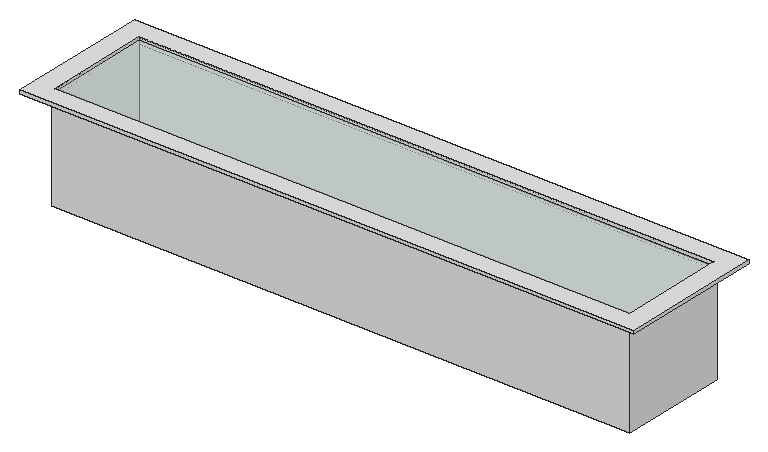
Revit family "CWW", category Lighting Fixtures, host Face, Revit 2021
Family settings
  Host = Face
  Round Connector Dimension = Use Diameter
  Part Type = Normal
  OmniClass Number = 23.80.70.11
  OmniClass Title = Luminaries for Internal Lighting
  Cut with Voids When Loaded = No
  Light Source = Yes
  Shared = No
  Room Calculation Point = No
Parameters (values of type "CWW2-30LWG-1WR-EDU")
  Watts = 27 W
  Wattage = 27 W
  Warranty = "Five year warranty"  # constant formula
  built-in parameter 1150110 = 1 (stored number, unit not read)
  Voltage = 120 V
  built-in parameter 1114217 = 1 (stored number, unit not read)
  Tilt Angle = -90.00°  # constant formula
  built-in parameter 1150109 = 1 (stored number, unit not read)
  built-in parameter 1150134 = (empty or 0)
  built-in parameter 1150113 = 1 (stored number, unit not read)
  Product Page URL = ""
  Product Documentation Link = ""
  Power Factor = 1
  Photometric Web Notes = "More IES files Download Photometric Web Link"  # constant formula
  Photometric Web File = "2x4 2Lamp.ies"
  Emit from Rectangle Width = 0' - 3 1/2"  # constant formula
  Emit from Rectangle Length = Length - 0' 2"  # 1' - 10"
  Emit Shape Visible in Rendering = no
  Lumen Output = "Low Watt"
  Distribution = "Asymmetric Wallwash with Roomside"
  Ceiling Type = "Grid"
  built-in parameter 1150105 = 195.59 (stored number, unit not read)
  Lumens = 2457.81 lm
  built-in parameter 1150115 = 1 (stored number, unit not read)
  Load Classification = Lighting
  built-in parameter 1150137 = (empty or 0)
  built-in parameter 1150139 = (empty or 0)
  Length = 2' - 0"
  Wattage Comments = "20W-23.2W"
  URL = "https://www.currentlighting.com/columbia"
  Model = "CWW"  # constant formula
  Manufacturer = "Columbia Lighting"  # constant formula
  built-in parameter 1150112 = 1 (stored number, unit not read)
  built-in parameter 1150114 = 1 (stored number, unit not read)
  Lamp = "LED Lamp"  # constant formula
  Opal lens = Glass
  built-in parameter 1150132 = (empty or 0)
  built-in parameter 1150102 = (empty or 0)
  built-in parameter 1150107 = 3000 (stored number, unit not read)
  built-in parameter 1150138 = (empty or 0)
  built-in parameter 1150106 = 1.9559 (stored number, unit not read)
  built-in parameter 1150104 = 8.457 (stored number, unit not read)
  Dimming Lamp Color Temperature Shift = <None>
  Description = "Contemporary LED Wall Wash"  # constant formula
  Default Elevation = 4' - 0"
  Color Filter = 16777215
  built-in parameter 1114218 = 1 (stored number, unit not read)
  Material Finish = Paint - White
  built-in parameter 1150133 = 10 (stored number, unit not read)
  Apparent Load = Watts / Power Factor  # 27 VA
Types (7): name | Watts | Wattage | built-in parameter 1150134 | Photometric Web File | Emit from Rectangle Length | Lumen Output | Distribution | built-in parameter 1150105 | Lumens | Length | built-in parameter 1150132 | built-in parameter 1150107 | built-in parameter 1150106 | built-in parameter 1150104 | Apparent Load
  (no name) | 27 W | 27 W | (empty or 0) | "2x4 2Lamp.ies" | 1' - 10" | "Low Watt" | "Asymmetric Wallwash with Roomside" | 195.59 (stored number, unit not read) | 2457.81 lm | 2' - 0" | (empty or 0) | 3000 (stored number, unit not read) | 1.9559 (stored number, unit not read) | 8.457 (stored number, unit not read) | 27 VA
  CWW4-40XWG-2WW-EDU | 25 W | 23.5712 W | 12 | "CWW4-40XWG-2WW-EDU.ies" | 3' - 10" | "Extra Low Watt" | "Double Wallwash" | 221.86 (stored number, unit not read) | 2788 lm | 4' - 0" | 2 | 4000 (stored number, unit not read) | 2.2186 (stored number, unit not read) | 10.989 (stored number, unit not read) | 25 VA
  CWW4-50MLG-1WW-EDU | 50 W | 50 W | 2 | "CWW4-50MLG-1WW-EDU.ies" | 3' - 10" | "Medium Lumen" | "Asymmetric Wallwash" | 419.85 (stored number, unit not read) | 5276 lm | 4' - 0" | 2 | 5000 (stored number, unit not read) | 4.1985 (stored number, unit not read) | 9.8031 (stored number, unit not read) | 50 VA
  CWW4-50XWG-1WR-EDU | 25 W | 25 W | 2 | "CWW4-50XWG-1WR-EDU.ies" | 3' - 10" | "Extra Low Watt" | "Asymmetric Wallwash with Roomside" | 220.67 (stored number, unit not read) | 2773 lm | 4' - 0" | (empty or 0) | 5000 (stored number, unit not read) | 2.2067 (stored number, unit not read) | 10.305 (stored number, unit not read) | 25 VA
  CWW2-30VWG-2WW-EDU | 15 W | 15 W | (empty or 0) | "CWW2-30VWG-2WW-EDU.ies" | 1' - 10" | "Very Low Watt" | "Double Wallwash" | 116.57 (stored number, unit not read) | 1464.9 lm | 2' - 0" | (empty or 0) | 3000 (stored number, unit not read) | 1.1657 (stored number, unit not read) | 9.0729 (stored number, unit not read) | 15 VA
  CWW2-30MWG-1WW-EDU | 20 W | 20 W | (empty or 0) | "CWW2-30MWG-1WW-EDU.ies" | 1' - 10" | "Medium Low Watt" | "Asymmetric Wallwash" | 148.41 (stored number, unit not read) | 1865 lm | 2' - 0" | (empty or 0) | 3000 (stored number, unit not read) | 1.4841 (stored number, unit not read) | 8.6632 (stored number, unit not read) | 20 VA
  CWW2-30LWG-1WR-EDU | 27 W | 27 W | (empty or 0) | "2x4 2Lamp.ies" | 1' - 10" | "Low Watt" | "Asymmetric Wallwash with Roomside" | 195.59 (stored number, unit not read) | 2457.81 lm | 2' - 0" | (empty or 0) | 3000 (stored number, unit not read) | 1.9559 (stored number, unit not read) | 8.457 (stored number, unit not read) | 27 VA
Reference planes (in)
  plane 1 "Center (Front/Back)": y = 13.01342
  plane 2: z = 0
  plane 3 "Center (Left/Right)": x = 0
  plane 4: x = -12
  plane 5: x = 12
  plane 6: x = -11.313
  plane 7: x = 11.313
Forms (in)
  Extrusion 1, void
    sketch origin (0, 0, 0) x (1, 0, 0) y (0, 1, 0)
      loop
        line (-11.313, 15.13892) -> (-11.313, 10.88792) -> (11.3173, 10.88792) -> (11.3173, 15.13892) -> (-11.313, 15.13892)
    from 1.11951 to -4.125
Dimensions and locks (in)
  equal spacing: plane 4, plane 3 "Center (Left/Right)", plane 5
  "Length": plane 4 to plane 5
  locked: plane 4 to plane 6 at 0.687
  locked: plane 7 to plane 5 at 0.687
  aligned and locked: plane 2 to host face
  aligned and locked: level to host face
  aligned and locked: plane 3 "Center (Left/Right)" to imposter light
  aligned and locked: plane 2 to imposter light
  aligned and locked: plane 1 "Center (Front/Back)" to nested 1
  aligned and locked: plane 3 "Center (Left/Right)" to nested 1
  aligned and locked: Extrusion 1 to nested 1  (x2)
Automatic sketch dimensions
  host sketch curve to host sketch curve = 8' - 0"  (x2)
  plane 4 to Extrusion 1 sketch curve = 0' - 0.687"
  plane 1 "Center (Front/Back)" to Extrusion 1 sketch curve = 0' - 2.1255"
  Extrusion 1 sketch curve to plane 5 = 0' - 0.6827"
  Extrusion 1 sketch curve to plane 1 "Center (Front/Back)" = 0' - 2.1255"
Nested families (in)
  nested 1: "Housing" at (0, -1.0625, -4), type "Model"
    with Opal lens Glass, Ballast Paint - White, Width 0' - 5 5/8", Length 2' - 0"
Connectors (in)
  electrical at (0.00215, 13.01342, -4), driven by "Voltage", driven by "Apparent Load", driven by "Power Factor", driven by "Load Classification"
    settings: on nested 1, index 1, voltage 120 V, apparent load 27 VA, apparent load phase1 0 VA, apparent load phase2 0 VA, apparent load phase3 0 VA, power factor 1, load classification "Lighting", number of poles 1, system type 30, power factor state 1, is connector primary yes, connector utility no, sub classification motor no, connector description "Electrical Connector"
Definition of nested family "Housing"
  Parameters
    Width = 0' - 5"
    Wattage Comments = ""
    Length = 4' - 0"
    URL = ""
    Product Page URL = ""
    Product Documentation Link = ""
    Model = ""
    Manufacturer Phone = ""
    Manufacturer Fax = ""
    Manufacturer = ""
    Opal lens [instance] = none
    Lamp = ""
    Description = ""  # constant formula
    Default Elevation = 4' - 0"
    Ballast [instance] = none
  Reference planes (in)
    plane 1 "Center (Front/Back)": y = 14.07592
    plane 2: z = 0
    plane 3 "Center (Left/Right)": x = 0
    plane 4: x = 24
    plane 5: x = -24
    plane 6: x = -23.313
    plane 7: x = 23.3173
    plane 8: y = 16.57592
    plane 9: y = 11.57592
    plane 10: z = 1
    plane 11: y = 15.88892
    plane 12: y = 12.26292
    plane 13: z = 4.125
    plane 14: x = -23.253
    plane 15: x = 23.2573
    plane 16: y = 15.82892
    plane 17: y = 12.32292
    plane 18: z = 4
    plane 19: z = 3.875
  Forms (in)
    Extrusion 1, solid
      sketch origin (0, 12.79105, 0) x (1, 0, 0) y (0, 1, 0)
        loop
          line (-48, 48) -> (-48, -48) -> (48, -48) -> (48, 48) -> (-48, 48)
      from 0 to -6
    Extrusion 2, solid, material <- "Opal lens"
      sketch origin (0, 0, 0) x (1, 0, 0) y (0, 1, 0)
        loop
          line (-23.253, 15.82892) -> (-23.253, 12.32292) -> (23.2573, 12.32292) -> (23.2573, 15.82892) -> (-23.253, 15.82892)
      from 4 to 3.875
    Extrusion 3, solid, material <- "Ballast"
      sketch origin (0, 0, 0) x (1, 0, 0) y (0, 1, 0)
        loop
          line (-24, 16.57592) -> (-24, 11.57592) -> (24, 11.57592) -> (24, 16.57592) -> (-24, 16.57592)
        loop
          line (-23.253, 15.82892) -> (-23.253, 12.32292) -> (23.2573, 12.32292) -> (23.2573, 15.82892) -> (-23.253, 15.82892)
      from 4 to 4.125
    Extrusion 4, solid, material <- "Ballast"
      sketch origin (0, 0, 0) x (1, 0, 0) y (0, 1, 0)
        loop
          line (-23.313, 15.88892) -> (-23.313, 12.26292) -> (23.3173, 12.26292) -> (23.3173, 15.88892) -> (-23.313, 15.88892)
      from 0 to 4
    Extrusion 5, void
      sketch origin (0, 0, 0) x (1, 0, 0) y (0, 1, 0)
        loop
          line (-23.253, 15.82892) -> (-23.253, 12.32292) -> (23.2573, 12.32292) -> (23.2573, 15.82892) -> (-23.253, 15.82892)
      from 1 to 4
  Cuts and joins
    Extrusion 5 cuts Extrusion 3
    Extrusion 5 cuts Extrusion 4
  Dimensions and locks (in)
    "Length": plane 5 to plane 4
    equal spacing: plane 5, plane 3 "Center (Left/Right)", plane 4
    plane 10 to Extrusion 1 = 0' - 1"
    plane 1 "Center (Front/Back)" to plane 8 = 0' - 2 1/2"
    locked: plane 8 to plane 11 at 0.687
    locked: plane 12 to plane 9 at 0.687
    locked: plane 5 to plane 6 at 0.687
    locked: plane 7 to plane 4 at 0.6827
    plane 13 to plane 2 = 0' - 4 1/8"  (x2)
    locked: plane 6 to plane 14 at 0.06
    locked: plane 11 to plane 16 at 0.06
    locked: plane 12 to plane 17 at 0.06
    locked: plane 15 to plane 7 at 0.06
    "Width": plane 8 to plane 9
    equal spacing: plane 8, plane 1 "Center (Front/Back)", plane 9
    locked: plane 13 to plane 18 at 0.125
    locked: plane 18 to plane 19 at 0.125
    aligned and locked: plane 2 to Extrusion 1
    aligned and locked: level to Extrusion 1
    aligned and locked: plane 4 to Extrusion 3
    aligned and locked: Extrusion 3 sketch curve to plane 16
    aligned and locked: plane 14 to Extrusion 3 sketch curve
    aligned and locked: Extrusion 3 sketch curve to plane 17
    aligned and locked: plane 15 to Extrusion 3 sketch curve
    aligned and locked: Extrusion 4 to cut or joined group of Extrusion 3, Extrusion 5
    aligned and locked: Extrusion 5 to plane 10
    aligned and locked: plane 13 to Extrusion 3
    aligned and locked: plane 18 to Extrusion 2
    aligned and locked: Extrusion 2 to plane 19
  Automatic sketch dimensions
    Extrusion 1 sketch curve to Extrusion 1 sketch curve = 8' - 0"  (x2)
    Extrusion 5 sketch curve to plane 14 = 0' - 0"
    Extrusion 5 sketch curve to plane 15 = 0' - 0"
    plane 17 to Extrusion 5 sketch curve = 0' - 0"
    Extrusion 5 sketch curve to plane 16 = 0' - 0"
    Extrusion 3 sketch curve to plane 5 = 0' - 0"
    plane 4 to Extrusion 3 sketch curve = 0' - 0"
    Extrusion 3 sketch curve to plane 9 = 0' - 0"
    Extrusion 3 sketch curve to plane 8 = 0' - 0"
    Extrusion 2 sketch curve to plane 14 = 0' - 0"
    Extrusion 2 sketch curve to plane 15 = 0' - 0"
    plane 17 to Extrusion 2 sketch curve = 0' - 0"
    Extrusion 2 sketch curve to plane 16 = 0' - 0"
    Extrusion 4 sketch curve to plane 6 = 0' - 0"
    Extrusion 4 sketch curve to plane 7 = 0' - 0"
    Extrusion 4 sketch curve to plane 12 = 0' - 0"
    Extrusion 4 sketch curve to plane 11 = 0' - 0"
